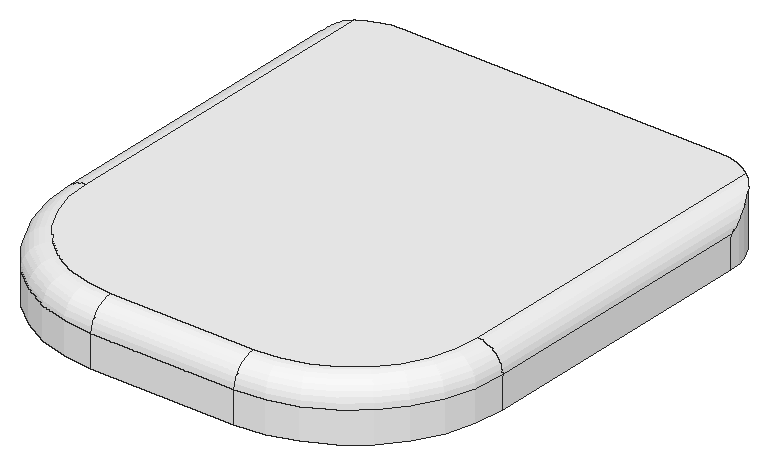
Revit family "ISI_TonicII_Multiproduct_BIM_GB_K7054;K7065", category Plumbing Fixtures, host Face, Revit 2012
Parameters (values of type "K706501 - Tonic II Seat & Cover, slow close")
  WaterEfficientProduct = no
  WarrantyStartDate [instance] = "1900-12-31-T23:59:59"
  WarrantyGuarantorParts = "Productinfo@thebluebook.co.uk"
  WarrantyGuarantorLabor = "n/a"
  WarrantyDurationUnit = "year"
  WarrantyDurationParts = "5"
  WarrantyDurationLabor = "n/a"
  WarrantyDescription = "Manufacturers Warranty"
  WRAS = no
  WFU = 0
  VolumeUnits = "Litres"
  Version = "2"
  Uniclass2 = "Pr_40_20_93_95"
  URL = "www.idealspec.co.uk"
  Type Comments = "n/a"
  ToiletType = "n/a"
  ToiletPanType = "n/a"
  TagNumber [instance] = "n/a"
  SustainabilityPerformance = "n/a"
  SpilloverLevel = 0 mm
  SpareParts = "www.fastpart-spares.co.uk"
  Space = "Internal"
  Size = "400 x 355 x 45 mm"
  Shape = "Ring"
  SerialNumber [instance] = "n/a"
  Revision = "n/a"
  ReplacementCost = "n/a"
  ProductInformation = "www.idealspec.co.uk/assets/datasheet/K706501"
  Phone = "01482 346461"
  PanMounting = "n/a"
  PanMaterial = "n/a"
  PanColor = "n/a"
  NominalWidth = 0 mm
  NominalLength = 0 mm
  NominalHeight = 45 mm
  NominalDepth = NominalLength  # 0 mm
  NettWeight = "2.35 Kg"
  Name = "WCSeats_TonicII-Seat&Cover_IdealStandard"
  NBSTypeID = "n/a"
  NBSReference = "45-35-70/391"
  NBSOfficeMasterTag = "n/a"
  NBSNote = "n/a"
  NBSDescription = "WC seats and covers"
  NBSCertification = "n/a"
  ModelReference = Description  # "Tonic II Seat & Cover, slow close"
  ModelNumber = Model  # "K706501"
  Model = "K706501"
  Material = "Plastic"
  ManufacturerURL = "www.idealspec.co.uk"
  Manufacturer = "Productinfo@thebluebook.co.uk"
  LinearUnits = "millimeters"
  InstallationInstructions = "www.idealspec.co.uk/resources.html"
  InstallationDate [instance] = "1900-12-31-T23:59:59"
  IfcExportType = "WCSEAT"
  IfcExportAs = "IfcSanitaryTerminalType"
  Help = "www.idealspec.co.uk/contact-us.html"
  HWFU = 0
  GrossWeight = "n/a"
  Grade = "n/a"
  Finish = Color  # "White"
  Features = "Seat & Cover, slow close"
  ExpectedLife = "15"
  ECA = no
  DurationUnit = "year"
  DistributedBy = "n/a"
  Description = "Tonic II Seat & Cover, slow close"
  Default Elevation = 1219.2 mm
  CurrencyUnit = "n/a"
  CreatedOn = "2015-06-01"
  Cost = 0
  Constituents = "n/a"
  ConnectionType = "Plumbing"
  Color = "White"
  CodePerformance = "n/a"
  SKUColour = Snow
  Category = "n/a"
  CWFU = 0
  Brand = "Ideal Standard"
  BarCode [instance] = "TBC"
  BIMObjectName = "ISI_IdealStandard_WCSeats_TonicII-Seat&Cover-SlowClose_K7065"
  Author = "Ideal Standard (UK) Ltd"
  AssetType = "Fixed"
  AssetIdentifier [instance] = "n/a"
  Assembly Code = "C1030200"
  AreaUnits = "millimeters"
  AreaMeasurement = "n/a"
  Accessories = "www.idealspec.co.uk"
  AccessibilityPerformance = "n/a"
Reference planes
  plane 1 "Center (Front/Back)": y = 0
  plane 2: z = 0
  plane 3 "Center (Left/Right)": x = 0
  plane 4: z = 0
  plane 5: z = 45
  plane 6: x = -177.5
  plane 7: x = 177.5
  plane 8: y = -400
Forms (mm)
  Extrusion 1, solid, material "Snow" <- "SKUColour", detail levels medium+fine
    sketch origin (0, 0, 0) x (1, 0, 0) y (0, 1, 0)
      loop
        arc (-127.5, 0) -> (-162.855, -14.645) -> (-177.5, -50) r 50
        line (-177.5, -50) -> (-177.5, -280)
        arc (-177.5, -280) -> (-142.353, -364.853) -> (-57.5, -400) r 120
        line (-57.5, -400) -> (57.5, -400)
        arc (57.5, -400) -> (142.353, -364.853) -> (177.5, -280) r 120
        line (177.5, -280) -> (177.5, -50)
        arc (177.5, -50) -> (162.855, -14.645) -> (127.5, 0) r 50
        line (127.5, 0) -> (-127.5, 0)
    from 0 to 45
  Sweep 2, void
    path origin (0, 0, 0) x (1, 0, 0) y (0, 1, 0)
      loop
        line (-177.5, 0) -> (-177.5, -280)
        arc (-177.5, -280) -> (-142.353, -364.853) -> (-57.5, -400) r 120
        line (-57.5, -400) -> (57.5, -400)
        arc (57.5, -400) -> (142.353, -364.853) -> (177.5, -280) r 120
        line (177.5, -280) -> (177.5, 0)
    profile origin (-177.5, -140, 0) x (1, 0, 0) y (0, 0, 1)
      loop
        line (0, 45) -> (0, 25)
        arc (0, 25) -> (5.858, 39.142) -> (20, 45) r 20
        line (20, 45) -> (0, 45)
Cuts and joins
  Sweep 2 cuts Extrusion 1
Dimensions and locks
  "NominalHeight": plane 5 to host face
  equal spacing: plane 6, plane 3 "Center (Left/Right)", plane 7
  plane 6 to plane 7 = 355 mm
  plane 8 to plane 1 "Center (Front/Back)" = 400 mm
  plane 1 "Center (Front/Back)" to Extrusion 1 = 400 mm
  aligned and locked: plane 2 to host face
  aligned and locked: level to host face
  aligned and locked: host face to plane 4
  aligned and locked: plane 1 "Center (Front/Back)" to Extrusion 1 sketch curve
  aligned and locked: plane 6 to Extrusion 1 sketch curve
  aligned and locked: plane 8 to Extrusion 1 sketch curve
  aligned and locked: plane 7 to Extrusion 1 sketch curve
  aligned and locked: plane 5 to Extrusion 1
Automatic sketch dimensions
  host sketch curve to host sketch curve = 2438.4 mm  (x2)
  plane 6 to Extrusion 1 sketch curve = 50 mm
  Extrusion 1 sketch curve to plane 3 "Center (Left/Right)" = 57.5 mm
  plane 3 "Center (Left/Right)" to Extrusion 1 sketch curve = 57.5 mm
  Extrusion 1 sketch curve to Extrusion 1 sketch curve = 50 mm
  Sweep 2 sketch curve to plane 6 = 0 mm
  Sweep 2 sketch curve to plane 8 = 0 mm
  Sweep 2 sketch curve to plane 7 = 0 mm
  plane 1 "Center (Front/Back)" to Sweep 2 sketch curve = 0 mm  (x2)
  Sweep 2 sketch curve to plane 3 "Center (Left/Right)" = 57.5 mm
  plane 3 "Center (Left/Right)" to Sweep 2 sketch curve = 57.5 mm
  profile plane to Sweep 2 sketch curve = 0 mm
  Sweep 2 sketch curve to Sweep 2 sketch curve = 20 mm
  level to Sweep 2 sketch curve = 25 mm
